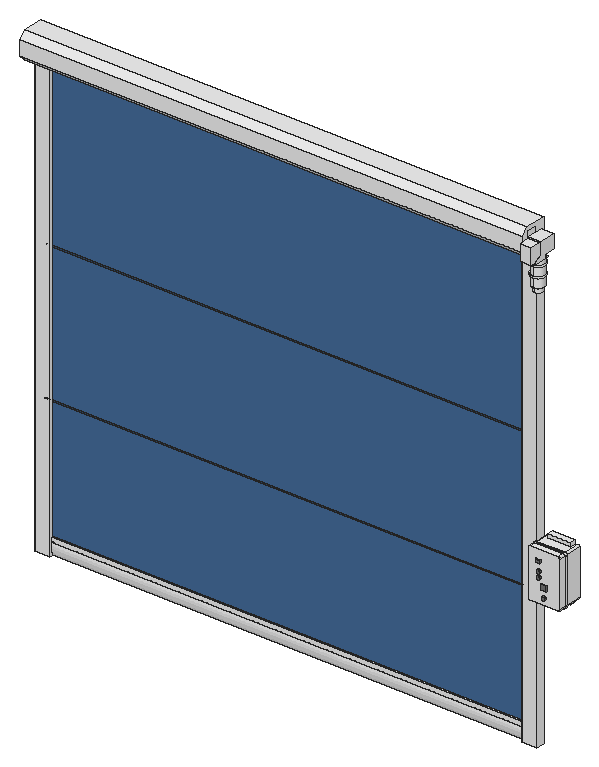
Revit family "2021_ES_Puerta_Ferroflex_Alumroll-Enrollable_D00682ES", category Doors, host Wall, Revit 2021
Family settings
  Host = Wall
  OmniClass Number = 23.30.10.00
  OmniClass Title = Doors
  Always vertical = Yes
  Cut with Voids When Loaded = No
  Shared = No
  Room Calculation Point = No
Parameters (values of type "Puerta enrollable 4000 x 4000 mm")
  Zona = ""
  Vida Util Esperada = ""
  Motor Vertical [instance] = not(Motor Horizontal)  # yes
  Version Estandar GDO-BIM = "GDO-BIM V02"
  Version = "RVT2021"  # constant formula
  Unidad Medicion = "Unidad"  # constant formula
  Unidad = ""
  Uniclass2015 Titulo = ""
  Uniclass2015 Codigo = ""
  URL de Declaracion de Prestaciones = "https://ferroflexindustrialaccess.com/productos/puerta-rapida-enrollable-aluminio-clase-2"
  URL Producto = "https://ferroflexindustrialaccess.com/productos/puerta-rapida-enrollable-aluminio-clase-2"
  URL Perfil BIM = "https://bimetica.com/es/objeto-bim-ferroflex-puerta-rapida-enrrollable-aluminio-alumroll-d00682es-v2-15955.html"
  URL = "https://ferroflexindustrialaccess.com/productos/puerta-rapida-enrollable-aluminio-clase-2\r\nhttps://ferroflexindustrialaccess.com/productos/puerta-rapida-enrollable-aluminio-zonas-interiores"
  UNSPSC Titulo = "Rolling doors"  # constant formula
  UNSPSC Codigo = "30171503"  # constant formula
  Type Comments = ""
  Titular = "MANUSA GEST, S.L."  # constant formula
  Tipo Embalaje Proteccion = ""
  Tiempo Util De Vida = ""
  Tiempo Medio Entre Fallos = ""
  Thickness = 20 mm  # constant formula
  Telefono Contacto = "0034 937 263 433"
  Soporte tecnico BIM = "https://bimsupport.info/es/fabricantes/ferroflex/"
  Serie = "Puertas Enrollables"
  Salida de incendios = no
  Salida Humos = no
  Responsable Seguridad = ""
  Responsable Prescripcion = ""
  Responsable Compra = ""
  Resistencia Viento = "Clase 2"  # constant formula
  Residuos Peligrosos por Unidad = 0
  Residuos No Peligrosos por Unidad = 0
  Residuo Radioactivo por Unidad = 0
  Residuo Inerte por Unidad = 0
  Referencia Unidad Funcional = ""
  Referencia Lote = ""
  Referencia Contacto Soporte Tecnico = "ferroflex@ferroflex.net"
  Referencia Contacto Comercial Venta = "ferroflex@ferroflex.net"
  Referencia = "D00682ES-V2"  # constant formula
  Punto de Contacto = "https://ferroflexindustrialaccess.com/contact"
  Plataforma descaga contenido BIM = "www.bimetica.com"
  Peso = 0.00 kg
  Periodo Garantia = "1 año vista"  # constant formula
  Partida URL = ""
  Pais de Venta = ""
  Operation = "Enrrollable"  # constant formula
  Omniclass Titulo = "Access Doors"  # constant formula
  Omniclass Codigo = "23-17 11 27 13"  # constant formula
  Numero de Licencia = "XXX-XXXX7125"  # constant formula
  Numero de Declaracion de Prestaciones = ""
  Numero Serie = ""
  Numero Articulo Global Comercial = ""
  Numero Articulo = "D00682ES-V2"  # constant formula
  Nivel de Riesgo = ""
  Model = "Alumroll"  # constant formula
  Material Telón = PVC_Telón_Azul
  Material Envoltura = "Envoltura de plástico"
  Material Contenedor = "Caja de madera"
  Material = Aluminio_Lacado
  Masterformat Titulo = "Access Doors and Panels"  # constant formula
  Masterformat Codigo = "08 31 00"  # constant formula
  Marcado CE = yes
  Manufacturer = "Ferroflex S.L.U."  # constant formula
  Mantenimiento = ""
  Lugar Ensamblaje = "En obra"
  Instrucciones Especiales = ""
  Informacion Tecnica = ""
  Infiltracion = 0
  IfcExportType = "Roll-up door"  # constant formula
  IfcExportAs = "IfcDoor"  # constant formula
  Identificador Garantia = ""
  Motor Horizontal [instance] = no
  Historial = "(RVT2021) Creación de Elemento."  # constant formula
  H = 430 mm  # constant formula
  Gubimclass Titulo = "Puertas de acceso"  # constant formula
  Gubimclass Codigo = "80.10.40.20"  # constant formula
  Garantia Extendida = no
  G = 300 mm  # constant formula
  Function = Exterior
  Fuente Datos LCA = ""
  Frame Projection Ext. = 200 mm
  Frame Projection Int. = 100 mm
  Fire Rating = "Lona ISO 3795-89"  # constant formula
  E = 73 mm  # constant formula
  D = 130 mm  # constant formula
  Description = "Puerta rápida enrollable, compuesta por guías y cabezal en aluminio lacado o anodizado. Lona de PVC con tejido de poliéster, color a elegir. Cuadro de maniobra con variador. Seguridad activa mediante barreras de fotocélulas cruzadas y posibilidad de faldón inferior con banda resistiva."  # constant formula
  Define Thermal Properties by = Schematic Type
  Caja de mando Visible [instance] = yes
  C = 480 mm  # constant formula
  B = 205 mm  # constant formula
  Area Acristalamiento = "Posibilidad de Mirillas"
  Antepecho Interno = 1 = 0  # no
  Antepecho Externo = 1 = 0  # no
  Analytic Construction = "<Ninguno>"
  Height = if((Altura útil + 480 mm) < 2100 mm, 2100 mm, if((Altura útil + 480 mm) > 4000 mm, 4000 mm, Altura útil))  # 4000 mm
  Wall Closure = Interior
  Width = if((Ancho útil + 130 mm) < 1000 mm, 1000 mm, if((Ancho útil + 130 mm) > 4000 mm, 4000 mm, Ancho útil))  # 4000 mm
  Fraccion del area de acristalamiento = 0
  Formacion Fotoquimica Ozono por Unidad = 0
  Fecha Vencimiento Elemento BIM = "2 años vista"  # constant formula
  Fecha Suministro = ""
  Fecha Inicio Garantia = ""
  Fecha Fin Garantia = ""
  Fecha Evaluacion = ""
  Fecha Emision Elemento BIM = "16/12/2022"  # constant formula
  Fecha Compra = ""
  Fecha Colocacion = ""
  Fase Ciclo Vida = ""
  Falta de Recursos por Unidad = 0
  Exclusiones = ""
  Eutrofizacion por Unidad = 0
  Etiqueta Modelo = "Puerta enrollable modelo Alumroll"  # constant formula
  Estandar seguridad = "2006/42/CE"
  Espacio libre acceso = 0 mm
  Espacio = ""
  Es Motorizada = yes
  Es Exterior = 1 = 1  # yes
  Es Accesible = no
  Energia consumida = 0
  Energia Renovable Consumida por Unidad = 0
  Energia Primaria Total Consumida por Unidad = 0
  Energia No Renovable Consumida por Unidad = 0
  Email Contacto = "ferroflex@ferroflex.net"
  Destruccion Capa Ozono Estratosferica por Unidad = 0
  Desfase Exterior = 0 mm
  Desfae Interior = 0 mm
  Descripcion Evaluacion = ""
  Dependiente De = ""
  Declaracion Ambiental de Producto URL = ""
  Creditos LEED = ""
  Creditos BREEAM = ""
  Coste Mantenimiento = 0
  Cortahumos = no
  Contenido Garantia = "Materiales"
  Contacto = "https://ferroflexindustrialaccess.com/contact"
  Condiciones de Venta = ""
  Condiciones Evaluacion = ""
  Codigo Barras = ""
  Codigo = "Alumroll"  # constant formula
  Clasificacion higrotermica = ""
  Clasificacion de seguridad = "ISO 1421 / ISO 13937-2"
  Clasificacion de estanqueidad al agua = ""
  Clasificacion de carga mecanica = ""
  Clasificacion de carga de viento = "Clase 2"  # constant formula
  Cierre automatico = no
  Cambio Climatico por Unidad = 0
  Calificacion de durabilidad = ""
  COBie Categoria = "IfcDoor"  # constant formula
  Base Precio Producto 03 = ""
  Base Precio Producto 02 = ""
  Base Precio Producto 01 = ""
  Autor = "Bimetica Parametric Design Services S.L."  # constant formula
  Area de superficie = 0.00 m²
  Ano Produccion = ""
  Ancho útil = 4000 mm
  Altura minima requerida = 2100 mm
  Altura útil = 4000 mm
  Altura del cuadro de Mando = 1200 mm
  Agua Consumida por Unidad = 0
  Agl [instance] = if(Motor Vertical, 180.00°, if(Motor Horizontal, 90.00°, 0.00°))  # 180.00°
  Acidificacion Atmosferica por Unidad = 0
  Acabado = "Lacado"
  A = 224 mm  # constant formula
Reference planes
  plane 1: y = 0
  plane 2 "Center (Left/Right)": x = 0
  plane 3 "Left": x = -2000
  plane 4 "Right": x = 2000
  plane 5 "Exterior": y = -150
  plane 6 "Interior": y = -150
  plane 7 "RM": x = 2130
  plane 8: x = -2130
  plane 9 "E": y = -223
  plane 10 "Top": z = 4000
  plane 11 "B": y = -375
  plane 12: z = 1400
  plane 13 "Cuadro de Mando": z = 1200
  plane 14 "Motor": z = 3888
  plane 15 "M": x = 2212.663
  plane 16 "C": z = 3520
  plane 17 "A": z = 3776
  plane 18 "Bottom": z = 0
Forms (mm)
  Extrusion 1, solid, material "Aluminio_Lacado" <- "Material"
    sketch origin (-8415.525, -465, 0) x (0, 1, 0) y (-1, 0, 0)
      loop
        line (315, -6285.525) -> (242, -6285.525) -> (242, -6415.525) -> (266.531, -6415.525) -> (266.531, -6388.525) -> (263.531, -6388.525) -> (263.531, -6412.525) -> (245, -6412.525) -> (245, -6288.525) -> (312, -6288.525) -> (312, -6412.525) -> (289.53, -6412.525) -> (289.53, -6388.525) -> (286.53, -6388.525) -> (286.53, -6415.525) -> (315, -6415.525) -> (315, -6285.525)
      loop
        line (315, -10545.525) -> (315, -10415.525) -> (286.53, -10415.525) -> (286.53, -10442.525) -> (289.53, -10442.525) -> (289.53, -10418.525) -> (312, -10418.525) -> (312, -10542.525) -> (245, -10542.525) -> (245, -10418.525) -> (263.531, -10418.525) -> (263.531, -10442.525) -> (266.531, -10442.525) -> (266.531, -10415.525) -> (242, -10415.525) -> (242, -10545.525) -> (315, -10545.525)
    from 0 to 3776
  Extrusion 2, solid, material "Aluminio_Lacado" <- "Material"
    sketch origin (0, 0, 0) x (0, -1, 0) y (0, 0, -1)
      loop
        line (150, -4000) -> (326.274, -4000) -> (375, -3947.196) -> (375, -3829.019) -> (325.559, -3776) -> (150, -3776) -> (150, -4000)
    from -2130 to 2130
  Extrusion 3, solid, material "Aluminio_Lacado" <- "Material", visible <- "Caja de mando Visible", detail levels fine
    sketch origin (0, -150, 0) x (1, 0, 0) y (0, 0, 1)
      loop
        line (2205.807, 1612) -> (2395.807, 1612) -> (2395.807, 1642) -> (2205.807, 1642) -> (2205.807, 1612)
      loop
        line (2205.807, 1170) -> (2395.807, 1170) -> (2395.807, 1200) -> (2205.807, 1200) -> (2205.807, 1170)
    from 0 to 48.469
  Extrusion 4, solid, material "Aluminio_Lacado", visible <- "Caja de mando Visible"
    sketch origin (0, -150, 0) x (1, 0, 0) y (0, 0, 1)
      loop
        arc (2183.807, 1612) -> (2173.201, 1607.607) -> (2168.807, 1597) r 15
        line (2168.807, 1597) -> (2168.807, 1215)
        arc (2168.807, 1215) -> (2173.201, 1204.393) -> (2183.807, 1200) r 15
        line (2183.807, 1200) -> (2417.807, 1200)
        arc (2417.807, 1200) -> (2428.414, 1204.393) -> (2432.807, 1215) r 15
        line (2432.807, 1215) -> (2432.807, 1597)
        arc (2432.807, 1597) -> (2428.414, 1607.607) -> (2417.807, 1612) r 15
        line (2417.807, 1612) -> (2183.807, 1612)
    from 0 to 209.886
  Extrusion 5, solid, material "Plastic, Opaque Black", visible <- "Caja de mando Visible", detail levels fine
    sketch origin (-264, -359.886, 0) x (1, 0, 0) y (0, 0, 1)
      loop
        circle (2564.938, 1258.022) r 15
      loop
        line (2497.807, 1513.5) -> (2537.807, 1513.5) -> (2537.807, 1538.5) -> (2497.807, 1538.5) -> (2497.807, 1513.5)
      loop
        circle (2522.868, 1446.632) r 15
      loop
        circle (2522.868, 1401.632) r 15
      loop
        line (2542.307, 1316) -> (2587.307, 1316) -> (2587.307, 1361) -> (2542.307, 1361) -> (2542.307, 1316)
    from 0 to 10
  Extrusion 6, solid, material "PVC_Telón_Azul" <- "Material Telón", detail levels coarse
    sketch origin (0, 0, 0) x (1, 0, 0) y (0, 1, 0)
      loop
        line (-2068.5, -178.47) -> (-2068.5, -198.469) -> (2068.5, -198.469) -> (2068.5, -178.47) -> (-2068.5, -178.47)
    from 0 to 3776
  Extrusion 7, solid, material "Aluminio_Lacado" <- "Material", detail levels medium+fine
    sketch origin (0, 0, 0) x (0, 1, 0) y (0, 0, 1)
      loop
        line (-164.669, 145.388) -> (-212.269, 145.388) -> (-212.269, 112.673) -> (-207.416, 107.82)
        arc (-207.416, 107.82) -> (-210.69, 52.584) -> (-193.469, 0) r 148.157
        line (-193.469, 0) -> (-183.469, 0)
        arc (-183.469, 0) -> (-166.249, 52.584) -> (-169.523, 107.82) r 148.157
        line (-169.523, 107.82) -> (-164.669, 112.673) -> (-164.669, 145.388)
    from -2000 to 2000
  Extrusion 8, solid, material "PVC_Telón_Azul" <- "Material Telón", detail levels medium+fine
    sketch origin (0, 0, 0) x (0, 1, 0) y (0, 0, 1)
      loop
        line (-186.469, 145.388) -> (-186.469, 3776) -> (-190.469, 3776) -> (-190.469, 2351.667)
        arc (-190.469, 2351.667) -> (-195.469, 2346.667) -> (-190.469, 2341.667) r 5
        line (-190.469, 2341.667) -> (-190.469, 1178.333)
        arc (-190.469, 1178.333) -> (-195.469, 1173.333) -> (-190.469, 1168.333) r 5
        line (-190.469, 1168.333) -> (-190.469, 145.388) -> (-186.469, 145.388)
    from -2068.5 to 2068.5
  Extrusion 9, solid, material "Aluminio_Lacado" <- "Material", detail levels medium+fine
    sketch origin (2212.663, -262.5, 3888) x (0, 0, -1) y (0, -1, 0)
      loop
        line (48.988, 92.567) -> (-58.012, 92.567) -> (-58.012, -54.364) -> (55.688, -54.364) -> (55.688, 50.636) -> (82.688, 50.636) -> (82.688, 10.636) -> (89.688, 10.636) -> (89.688, 144.567) -> (72.988, 144.567) -> (48.988, 92.567)
    from -52.5 to 52.5
  Extrusion 10, solid, material "Aluminio_Lacado" <- "Material", detail levels medium+fine
    sketch origin (2212.663, -269.793, 3783.699) x (0, 0, -1) y (0, -1, 0)
      loop
        line (-55.313, 85.274) -> (-31.313, 137.274) -> (-21.813, 137.274) -> (-21.813, 174.181) -> (-156.813, 174.181) -> (-156.813, 85.274) -> (-55.313, 85.274)
    from -45.5 to 45.5
  Revolve 11, solid, material "Aluminio_Lacado" <- "Material", detail levels medium+fine
    sketch origin (2212.663, -262.5, 3888) x (0, 0, -1) y (0, -1, 0)
      loop
        line (344.957, 85.176) -> (307.257, 85.176) -> (305.235, 96.493) -> (300.263, 96.493) -> (300.263, 99.926) -> (221.263, 99.926) -> (221.263, 109.926) -> (211.263, 109.926) -> (211.263, 99.926) -> (136.263, 99.926) -> (136.263, 109.282) -> (126.263, 109.282) -> (126.263, 99.926) -> (88.263, 99.926) -> (88.263, 80.372) -> (54.263, 80.372) -> (54.263, 50.084) -> (349.266, 50.084) -> (344.957, 85.176)
      axis (349.266, 50.084) -> (54.263, 50.084)
    angle from 0 to 360
  Extrusion 12, solid, material "Aluminio_Lacado" <- "Material", detail levels fine
    sketch origin (-8600, -223, 2500) x (0, 0, -1) y (1, 0, 0)
      loop
        line (-1395.423, 10760.163) -> (-1421.586, 10734) -> (-1473.31, 10734) -> (-1473.31, 10730) -> (-1419.929, 10730) -> (-1393.766, 10756.163) -> (-1337.31, 10756.163) -> (-1337.31, 10760.163) -> (-1395.423, 10760.163)
    from 30.044 to 102.559
  Extrusion 13, solid, material "Aluminio_Lacado" <- "Material", visible <- "Caja de mando Visible", detail levels fine
    sketch origin (0, -359.886, 0) x (1, 0, 0) y (0, 0, 1)
      loop
        line (2417.807, 1612) -> (2183.807, 1612)
        arc (2183.807, 1612) -> (2173.201, 1607.607) -> (2168.807, 1597) r 15
        line (2168.807, 1597) -> (2168.807, 1215)
        arc (2168.807, 1215) -> (2173.201, 1204.393) -> (2183.807, 1200) r 15
        line (2183.807, 1200) -> (2417.807, 1200)
        arc (2417.807, 1200) -> (2428.414, 1204.393) -> (2432.807, 1215) r 15
        line (2432.807, 1215) -> (2432.807, 1597)
        arc (2432.807, 1597) -> (2428.414, 1607.607) -> (2417.807, 1612) r 15
      loop
        line (2437.807, 1215) -> (2437.807, 1597)
        arc (2437.807, 1597) -> (2431.95, 1611.142) -> (2417.807, 1617) r 20
        line (2417.807, 1617) -> (2183.807, 1617)
        arc (2183.807, 1617) -> (2169.665, 1611.142) -> (2163.807, 1597) r 20
        line (2163.807, 1597) -> (2163.807, 1215)
        arc (2163.807, 1215) -> (2169.665, 1200.858) -> (2183.807, 1195) r 20
        line (2183.807, 1195) -> (2417.807, 1195)
        arc (2417.807, 1195) -> (2431.95, 1200.858) -> (2437.807, 1215) r 20
    from -67.5 to -56
  Extrusion 14, solid, material "Aluminio_Lacado" <- "Material", visible <- "Caja de mando Visible", detail levels fine
    sketch origin (1875.481, -300, 1200) x (-1, 0, 0) y (0, -1, 0)
      loop
        circle (-425.26, -93.721) r 9.025
      loop
        circle (-485.26, -93.721) r 8.978
      loop
        circle (-365.26, -93.721) r 8.966
      loop
        circle (-395.208, -93.721) r 5
      loop
        circle (-455.189, -93.721) r 5
    from 0 to -30
  Extrusion 15, solid, material "Aluminio_Lacado" <- "Material", detail levels coarse
    sketch origin (2212.663, -262.5, 3888) x (-1, 0, 0) y (0, -1, 0)
      loop
        circle (0, 50.084) r 59.841
    from -349.885 to 58.012
Lines and regions (mm)
  Opening 1
    outline origin (-3050, -150, 0) x (1, 0, 0) y (0, 0, 1)
      loop
        line (1050, 0) -> (5050, 0) -> (5050, 3520) -> (1050, 3520) -> (1050, 0)
  symbolic lines, style "DoorsHiddenLines"
    curve 1: line (-2130, -150, 0) -> (-2130, -375, 0)
    curve 2: line (2130, -375, 0) -> (-2130, -375, 0)
    curve 3: line (2130, -150, 0) -> (2130, -375, 0)
    curve 4: circle (2212.663, -312.584, 0) r 59.841 normal (0, 0, 1)
    curve 5: line (-2068.5, -178.47, 0) -> (2068.5, -178.47, 0)
    curve 6: line (-2068.5, -198.469, 0) -> (-2068.5, -178.47, 0)
    curve 7: line (2068.5, -198.469, 0) -> (-2068.5, -198.469, 0)
    curve 8: line (2068.5, -178.47, 0) -> (2068.5, -198.469, 0)
    curve 13: line (2130, -150, 0) -> (-2130, -150, 0)
  reference lines
    curve 9: line (0, -334.729, 2346.667) -> (0, -1354.729, 2346.667)
    curve 10: line (0, -635.086, 1173.333) -> (0, -1575.086, 1173.333)
    curve 11: line (2212.663, -262.5, 4131.432) -> (2212.663, -262.5, 3211.432)
    curve 12: line (2212.663, -262.5, 3888) -> (2212.663, -262.5, 3348)
Text (mm)
  text "Exterior" at (-1759.87, 1099.543, 0), in view "Ref. Level"
  text "Exterior" at (0, 1615.38, 3698.081), in view "Left"
  text "Exterior" at (0, 1036.032, 3874.932), in view "Right"
Dimensions and locks
  equal spacing: plane 3 "Left", plane 2 "Center (Left/Right)", plane 4 "Right"
  "Width": plane 3 "Left" to plane 4 "Right"
  "Height": plane 10 "Top" to host wall
  "Desfae Interior": plane 5 "Exterior" to plane 6 "Interior"
  "Desfase Exterior": host wall to plane 6 "Interior"
  "D": plane 8 to plane 3 "Left"
  "D": plane 4 "Right" to plane 7 "RM"
  plane 3 "Left" to plane 8 = 130 mm
  "E": plane 9 "E" to plane 5 "Exterior"
  locked: plane 5 "Exterior" to plane 11 "B" at 225
  "Altura del cuadro de Mando": plane 13 "Cuadro de Mando" to level
  plane 13 "Cuadro de Mando" to level = 1200 mm
  plane 15 "M" to plane 7 "RM" = 82.663 mm
  locked: Extrusion 1 sketch curve to Extrusion 1 sketch curve at 3  (x8)
  locked: Extrusion 1 sketch curve to Extrusion 1 sketch curve at 27
  Extrusion 1 sketch curve to Extrusion 1 sketch curve to plane 5 "Exterior" = 3 mm locked, 25.47 mm locked
  plane 9 "E" to Extrusion 1 sketch curve to Extrusion 1 sketch curve = 21.531 mm locked, 3 mm locked
  Extrusion 1 sketch curve to Extrusion 1 sketch curve to Extrusion 1 sketch curve = 25.47 mm locked, 3 mm locked
  Extrusion 1 sketch curve to Extrusion 1 sketch curve to Extrusion 1 sketch curve = 21.531 mm locked, 3 mm locked
  locked: plane 4 "Right" to Extrusion 1 sketch curve at 27
  "C": plane 10 "Top" to plane 16 "C"
  equal spacing: plane 10 "Top", plane 14 "Motor", plane 17 "A"
  "A": plane 10 "Top" to plane 17 "A"
  locked: level to plane 18 "Bottom"
  locked: plane 10 "Top" to Extrusion 2 sketch curve at 52.804
  locked: Extrusion 2 sketch curve to plane 17 "A" at 53.019
  locked: Extrusion 2 sketch curve to plane 11 "B" at 48.726
  locked: Extrusion 2 sketch curve to plane 11 "B" at 49.441
  locked: plane 4 "Right" to Extrusion 6 sketch curve at 68.5
  locked: Extrusion 6 sketch curve to plane 3 "Left" at 68.5
  locked: Extrusion 6 sketch curve to plane 5 "Exterior" at 28.47
  locked: plane 9 "E" to Extrusion 6 sketch curve at 24.531
  Extrusion 7 sketch curve to Extrusion 7 sketch curve to Extrusion 7 sketch curve to Extrusion 7 sketch curve to Extrusion 7 sketch curve to plane 18 "Bottom" = 32.715 mm locked, 0 mm locked, 4.853 mm locked, 0 mm locked, 107.82 mm locked
  plane 5 "Exterior" to Extrusion 7 sketch curve to Extrusion 7 sketch curve to Extrusion 7 sketch curve to Extrusion 7 sketch curve = 14.669 mm locked, 0.355 mm locked, 4.498 mm locked, 13.946 mm locked
  Extrusion 7 sketch curve to Extrusion 7 sketch curve to Extrusion 7 sketch curve to Extrusion 7 sketch curve to plane 9 "E" = 13.946 mm locked, 4.498 mm locked, 0.355 mm locked, 10.731 mm locked
  equal spacing: plane 16 "C", curve 9, curve 10, plane 18 "Bottom"
  plane 5 "Exterior" to Extrusion 8 sketch curve to Extrusion 8 sketch curve = 36.469 mm locked, 4 mm locked
  locked: Extrusion 8 to plane 3 "Left" at 68.5
  locked: plane 4 "Right" to Extrusion 8 at 68.5
  equal spacing: plane 5 "Exterior", curve 11, plane 11 "B"
  Extrusion 12 sketch curve to Extrusion 12 sketch curve to plane 15 "M" = 4 mm locked, 52.5 mm locked
  Extrusion 12 sketch curve to Extrusion 12 sketch curve to plane 7 "RM" = 4 mm locked, 0 mm locked
  Extrusion 12 sketch curve to plane 14 "Motor" to Extrusion 12 sketch curve to Extrusion 12 sketch curve to Extrusion 12 sketch curve to Extrusion 12 sketch curve to Extrusion 12 sketch curve = 50.69 mm locked, 5.766 mm locked, 1.657 mm locked, 24.506 mm locked, 1.657 mm locked, 51.724 mm locked
  Extrusion 4 sketch curve to Extrusion 4 sketch curve to plane 7 "RM" = 264 mm locked, 38.807 mm locked
  locked: plane 13 "Cuadro de Mando" to Extrusion 4 sketch curve at 412
  Extrusion 4 to Extrusion 3 sketch curve = 30 mm
  locked: Extrusion 3 sketch curve to plane 13 "Cuadro de Mando" at 30
  locked: Extrusion 4 to Extrusion 3 sketch curve at 37  (x2)
  locked: curve 4 to plane 9 "E" at 89.584
  "Agl": angle curve 12 to curve 11
  aligned and locked: plane 3 "Left" to Opening 1 sketch curve
  aligned and locked: Opening 1 sketch curve to plane 4 "Right"
  aligned and locked: Opening 1 sketch curve to level
  aligned and locked: host wall to plane 1
  aligned and locked: plane 8 to Extrusion 2
  aligned and locked: plane 7 "RM" to Extrusion 2
  aligned and locked: Extrusion 3 to plane 5 "Exterior"
  aligned and locked: plane 5 "Exterior" to Extrusion 3
  aligned and locked: Extrusion 1 sketch curve to Extrusion 1 sketch curve  (x6)
  aligned and locked: plane 5 "Exterior" to Extrusion 1 sketch curve
  aligned and locked: Extrusion 1 sketch curve to plane 8
  aligned and locked: Extrusion 1 sketch curve to plane 9 "E"
  aligned and locked: plane 3 "Left" to Extrusion 1 sketch curve
  aligned and locked: plane 7 "RM" to Extrusion 1 sketch curve
  aligned and locked: Extrusion 1 sketch curve to plane 5 "Exterior"
  aligned and locked: plane 9 "E" to Extrusion 1 sketch curve
  aligned and locked: plane 4 "Right" to Extrusion 1 sketch curve
  aligned and locked: Opening 1 sketch curve to plane 16 "C"
  aligned and locked: Extrusion 1 to plane 18 "Bottom"
  aligned and locked: plane 17 "A" to Extrusion 1
  aligned and locked: plane 11 "B" to Extrusion 2 sketch curve
  aligned and locked: plane 5 "Exterior" to Extrusion 2 sketch curve
  aligned and locked: plane 17 "A" to Extrusion 2 sketch curve
  aligned and locked: plane 17 "A" to Extrusion 6
  aligned and locked: plane 18 "Bottom" to Extrusion 7 sketch curve
  aligned and locked: plane 3 "Left" to Extrusion 7
  aligned and locked: Extrusion 7 to plane 4 "Right"
  aligned and locked: Extrusion 8 sketch curve to Extrusion 7
  aligned and locked: Extrusion 8 sketch curve to plane 17 "A"
  aligned and locked: Extrusion 8 sketch curve to curve 9
  aligned and locked: Extrusion 8 sketch curve to curve 10
  aligned and locked: Extrusion 8 sketch curve to Extrusion 8 sketch curve  (x4)
  aligned and locked: curve 11 to curve 12
  aligned and locked: plane 14 "Motor" to curve 12
  aligned and locked: Extrusion 4 sketch curve to plane 13 "Cuadro de Mando"
  aligned and locked: Extrusion 4 to Extrusion 3 sketch curve
  aligned and locked: Extrusion 3 sketch curve to plane 13 "Cuadro de Mando"
  aligned and locked: Extrusion 3 sketch curve to Extrusion 3 sketch curve  (x2)
  aligned and locked: Extrusion 4 to plane 5 "Exterior"
  aligned and locked: plane 5 "Exterior" to curve 1
  aligned and locked: plane 11 "B" to curve 2
  aligned and locked: plane 15 "M" to curve 4
  aligned and locked: curve 6 to Extrusion 6
  aligned and locked: curve 7 to Extrusion 6
  aligned and locked: curve 8 to Extrusion 6
  aligned and locked: plane 8 to curve 13
  aligned and locked: plane 7 "RM" to curve 13
  aligned and locked: curve 13 to plane 5 "Exterior"
Automatic sketch dimensions
  Extrusion 2 sketch curve to plane 10 "Top" = 0 mm
  host wall to curve 10 = 1425.086 mm
  curve 10 to curve 9 = 220.356 mm
  plane 6 "Interior" to curve 10 = 485.086 mm
  plane 6 "Interior" to curve 9 = 184.729 mm
  Extrusion 8 sketch curve to Extrusion 8 sketch curve = 5 mm  (x2)
  curve 12 to Revolve 11 sketch curve = 54.263 mm
  Revolve 11 sketch curve to curve 12 = 99.926 mm  (x3)
  Revolve 11 sketch curve to Revolve 11 sketch curve = 38 mm
  Revolve 11 sketch curve to Revolve 11 sketch curve = 10 mm  (x2)
  Revolve 11 sketch curve to Revolve 11 sketch curve = 75 mm
  Revolve 11 sketch curve to Revolve 11 sketch curve = 79 mm
  Revolve 11 sketch curve to Revolve 11 sketch curve = 4.972 mm
  Revolve 11 sketch curve to Revolve 11 sketch curve = 2.022 mm
  Revolve 11 sketch curve to curve 12 = 85.176 mm
  Revolve 11 sketch curve to Revolve 11 sketch curve = 37.7 mm
  Revolve 11 sketch curve to Revolve 11 sketch curve = 4.309 mm
  Revolve 11 sketch curve to curve 12 = 80.372 mm
  Revolve 11 sketch curve to Revolve 11 sketch curve = 30.288 mm
  Revolve 11 sketch curve to Revolve 11 sketch curve = 3.433 mm
  Revolve 11 sketch curve to curve 12 = 109.282 mm
  Revolve 11 sketch curve to curve 12 = 109.926 mm
  curve 12 to Revolve 11 sketch curve = 20.658 mm
  Revolve 11 sketch curve to Revolve 11 sketch curve = 42.041 mm
  curve 12 to Revolve 11 sketch curve = 50.084 mm
  Revolve 11 sketch curve to Revolve 11 sketch curve = 34 mm
  plane 9 "E" to curve 11 = 39.5 mm
  plane 10 "Top" to curve 11 = 131.432 mm
  curve 11 to plane 16 "C" = 308.568 mm
  Extrusion 10 sketch curve to curve 12 = 52.512 mm
  curve 12 to Extrusion 10 sketch curve = 48.988 mm
  Extrusion 10 sketch curve to curve 12 = 144.567 mm
  Extrusion 10 sketch curve to Extrusion 10 sketch curve = 24 mm
  Extrusion 10 sketch curve to Extrusion 10 sketch curve = 9.5 mm
  Extrusion 10 sketch curve to curve 12 = 92.567 mm
  Extrusion 10 sketch curve to curve 12 = 181.475 mm
  Extrusion 9 sketch curve to curve 12 = 58.012 mm
  curve 12 to Extrusion 9 sketch curve = 48.988 mm
  Extrusion 9 sketch curve to Extrusion 9 sketch curve = 6.701 mm
  Extrusion 9 sketch curve to Extrusion 9 sketch curve = 24 mm
  Extrusion 9 sketch curve to Extrusion 9 sketch curve = 27 mm
  Extrusion 9 sketch curve to Extrusion 9 sketch curve = 16.701 mm
  curve 12 to Extrusion 9 sketch curve = 144.567 mm
  curve 12 to Extrusion 9 sketch curve = 92.567 mm
  Extrusion 9 sketch curve to Extrusion 9 sketch curve = 41.932 mm
  Extrusion 9 sketch curve to Extrusion 9 sketch curve = 40 mm
  Extrusion 9 sketch curve to curve 12 = 54.364 mm
  Extrusion 14 sketch curve to plane 9 "E" = 16.721 mm  (x5)
  Extrusion 14 sketch curve to plane 15 "M" = 148.078 mm
  Extrusion 14 sketch curve to Extrusion 14 sketch curve = 30.071 mm
  Extrusion 14 sketch curve to Extrusion 14 sketch curve = 29.929 mm
  Extrusion 14 sketch curve to Extrusion 14 sketch curve = 30.051 mm
  Extrusion 14 sketch curve to plane 15 "M" = 28.078 mm
  Extrusion 15 sketch curve to plane 15 "M" = 0 mm
  plane 11 "B" to Extrusion 15 sketch curve = 62.416 mm
  plane 13 "Cuadro de Mando" to Extrusion 4 sketch curve = 15 mm
  Extrusion 4 sketch curve to Extrusion 4 sketch curve = 15 mm  (x3)
  Extrusion 5 sketch curve to Extrusion 4 = 65 mm
  Extrusion 5 sketch curve to Extrusion 5 sketch curve = 25.061 mm
  Extrusion 5 sketch curve to Extrusion 5 sketch curve = 0 mm
  Extrusion 5 sketch curve to Extrusion 5 sketch curve = 40 mm
  Extrusion 5 sketch curve to Extrusion 5 sketch curve = 19.439 mm
  Extrusion 5 sketch curve to Extrusion 5 sketch curve = 22.631 mm
  Extrusion 5 sketch curve to Extrusion 5 sketch curve = 45 mm  (x3)
  Extrusion 5 sketch curve to Extrusion 4 = 58.022 mm
  Extrusion 5 sketch curve to Extrusion 5 sketch curve = 57.978 mm
  Extrusion 5 sketch curve to Extrusion 5 sketch curve = 40.632 mm
  Extrusion 5 sketch curve to Extrusion 5 sketch curve = 66.868 mm
  Extrusion 5 sketch curve to Extrusion 5 sketch curve = 25 mm
  Extrusion 13 sketch curve to Extrusion 13 sketch curve = 0 mm  (x4)
  curve 6 to curve 6 = 19.999 mm
  radius of Extrusion 14 sketch curve = 9.025 mm
  radius of Extrusion 14 sketch curve = 8.978 mm
  radius of Extrusion 14 sketch curve = 8.966 mm
  radius of Extrusion 14 sketch curve = 5 mm  (x2)
  radius of Extrusion 15 sketch curve = 59.841 mm
  radius of Extrusion 5 sketch curve = 15 mm  (x3)
  radius of Extrusion 13 sketch curve to Extrusion 4 = 0 mm  (x2)
  radius of Extrusion 4 to Extrusion 13 sketch curve = 5 mm  (x2)
  radius of curve 4 = 59.841 mm
